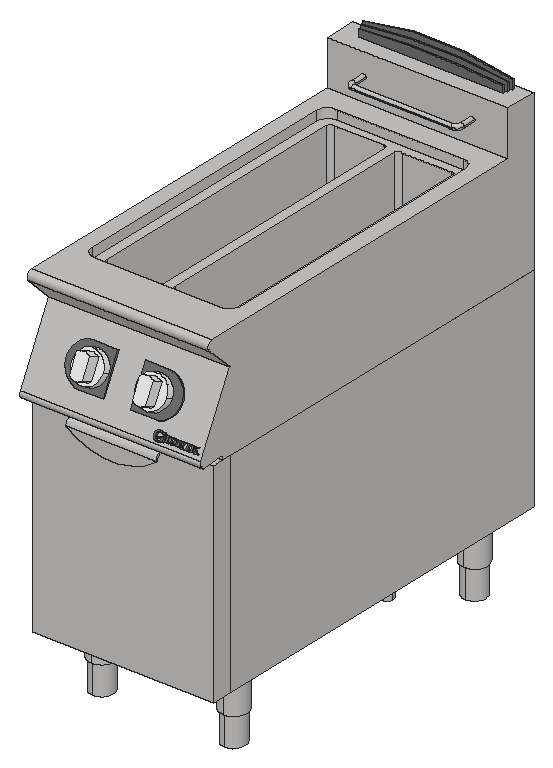
Revit family "QF_GIORIK_FG9207T", category Specialty Equipment, Revit 2014
Parameters (values of type "FG9207T")
  Weight in Pounds = 194.0066
  Watts = 200 W
  Volts = 230 V
  URL Cutsheet = "www.giorik.com"
  URL = "www.giorik.com"
  Status [instance] = ""
  Specification by User [instance] = ""
  Specification by Manufacturer = ""
  Show Logo [instance] = yes
  Show Clearance [instance] = yes
  Serial Number = ""
  Seismic Rating = ""
  SMACNA No = ""
  Revision Code [instance] = ""
  Phase = 1
  Number of Poles [instance] = 1
  NAFEM Spec ID Number = ""
  Model = "FG9207T"
  Min Ckt Ampacity = 0 A
  Mechanical Remarks [instance] = "Natural Gas"
  Mechanical Connection Type [instance] = ""
  Max Overcurrent Protection = 0 A
  Masterspec = ""
  Manufacturer = "GIORIK"
  Item Number [instance] = ""
  Installed By [instance] = ""
  Identify Quantity as Lot [instance] = no
  HP = "0.268204000000"
  Gas Size = 1"
  Gas RI Height [instance] = 0 mm
  Gas KW = 12
  Gas Input = 12000 W
  Gas Connection Height [instance] = 150 mm
  Furnished By [instance] = ""
  Foodservice Equipment Identifier [instance] = yes
  FL Amps = 0 A
  Electrical Remarks [instance] = ""
  Electric Connection Type [instance] = ""
  Elec Conn RI Height [instance] = 0 mm
  Elec Conn Connection Height [instance] = 150 mm
  Description = "8+8 LITRE GAS FRYER."
  Cycle = 50 Hz
  Conn Plug = ""
  Conn Conduit [instance] = no
  CSI MasterFormat = ""
  Assembly Code = "E1090320"
  Apparent Power = 200 VA
Reference planes
  plane 1 "Back": y = 0
  plane 2: z = 0
  plane 3 "Left": x = 0
  plane 4 "Right": x = 400
  plane 5 "Front": y = -920
  plane 6 "Top": z = 900
Forms (mm)
  Extrusion 1, solid, visible <- "Show Logo"
    sketch origin (196.604, -935.76, 608.978) x (-1, 0, 0) y (0, 0.452718, 0.891654)
      loop
        line (-118.824, 58.358) -> (-127.804, 58.358) -> (-125.523, 56.445) -> (-125.523, 48.027) -> (-127.804, 46.113) -> (-118.824, 46.113) -> (-121.105, 48.027) -> (-121.105, 56.445) -> (-118.824, 58.358)
      loop
        line (-163.721, 58.358) -> (-172.7, 58.358) -> (-170.42, 56.445) -> (-170.42, 48.027) -> (-172.7, 46.113) -> (-163.721, 46.113) -> (-166.001, 48.027) -> (-166.001, 56.445) -> (-163.721, 58.358)
      loop
        line (-174.332, 58.358) -> (-183.312, 58.358) -> (-181.031, 56.445) -> (-181.031, 52.435) -> (-186.419, 56.955) -> (-184.416, 58.358) -> (-191.268, 58.358) -> (-188.01, 56.839) -> (-185.455, 54.283) -> (-190.846, 47.858) -> (-193.396, 46.93) -> (-193.396, 46.113) -> (-184.416, 46.113) -> (-185.437, 47.571) -> (-182.443, 51.552) -> (-181.031, 50.894) -> (-181.031, 48.027) -> (-183.312, 46.113) -> (-174.332, 46.113) -> (-176.613, 48.027) -> (-176.613, 56.445) -> (-174.332, 58.358)
      loop
        line (-115.429, 62.063) -> (-115.429, 54.198)
        arc (-115.429, 54.198) -> (-111.618, 57.803) -> (-106.847, 59.986) r 16.039
        arc (-106.847, 59.986) -> (-103.314, 59.837) -> (-100.512, 57.68) r 5.851
        arc (-100.512, 57.68) -> (-98.815, 52.267) -> (-100.512, 46.853) r 9.479
        arc (-100.512, 46.853) -> (-102.406, 44.986) -> (-104.846, 43.93) r 7.236
        arc (-104.846, 43.93) -> (-107.728, 44.111) -> (-110.052, 45.825) r 5.11
        line (-110.052, 45.825) -> (-110.052, 52.001) -> (-116.141, 52.001) -> (-116.141, 45.503) -> (-117.893, 43.751) -> (-114.094, 44.769)
        arc (-114.094, 44.769) -> (-112.56, 44.947) -> (-111.129, 44.366) r 3.115
        arc (-111.129, 44.366) -> (-104.216, 42.091) -> (-97.303, 44.366) r 11.641
        arc (-97.303, 44.366) -> (-93.396, 52.107) -> (-97.303, 59.849) r 9.622
        arc (-97.303, 59.849) -> (-104.369, 62.174) -> (-111.435, 59.849) r 11.898
        line (-111.435, 59.849) -> (-115.429, 62.063)
      loop
        arc (-129.234, 56.068) -> (-135.893, 58.628) -> (-142.552, 56.068) r 9.941
        arc (-142.552, 56.068) -> (-144.234, 52.286) -> (-142.552, 48.505) r 5.093
        arc (-142.552, 48.505) -> (-135.893, 45.945) -> (-129.234, 48.505) r 9.941
        arc (-129.234, 48.505) -> (-127.552, 52.286) -> (-129.234, 56.068) r 5.093
      loop
        arc (-132.628, 54.403) -> (-135.893, 57.668) -> (-139.158, 54.403) r 3.265
        line (-139.158, 54.403) -> (-139.158, 50.169)
        arc (-139.158, 50.169) -> (-135.893, 46.904) -> (-132.628, 50.169) r 3.265
        line (-132.628, 50.169) -> (-132.628, 54.403)
      loop
        arc (-156.363, 58.365) -> (-159.647, 55.081) -> (-156.363, 51.796) r 3.285
        line (-156.363, 51.796) -> (-159.529, 47.306) -> (-162.087, 46.113) -> (-155.847, 46.113) -> (-153.529, 51.083) -> (-150.637, 51.083) -> (-150.637, 47.784) -> (-153.022, 46.113) -> (-144.011, 46.113) -> (-146.094, 47.68) -> (-146.094, 56.493) -> (-144.229, 58.365) -> (-156.363, 58.365)
      loop
        line (-150.637, 57.512) -> (-153.637, 57.512)
        arc (-153.637, 57.512) -> (-156.237, 54.912) -> (-153.637, 52.312) r 2.6
        line (-153.637, 52.312) -> (-150.637, 52.312) -> (-150.637, 57.512)
      loop
        line (-108.924, 52.001) -> (-104.936, 49.005) -> (-100.948, 52.001) -> (-108.924, 52.001)
    from 1.5 to -0.5
  Extrusion 2, solid
    sketch origin (-16, 1025.81, 0) x (1, 0, 0) y (0, 1, 0)
      loop
        line (25, -1086.81) -> (25, -1156.81) -> (115, -1156.81) -> (115, -1086.81) -> (25, -1086.81)
    from 148 to 150
  Extrusion 3, solid
    sketch origin (-14, 0, 130) x (1, 0, 0) y (0, 1, 0)
      loop
        circle (54, -385) r 12.5
    from 0 to 20
  Extrusion 4, solid
    sketch origin (0, 800, -20) x (0, 1, 0) y (0, 0, 1)
      loop
        line (-800, 989.988) -> (-870, 989.988) -> (-870, 889.988) -> (-1688.669, 889.988)
        arc (-1688.669, 889.988) -> (-1699.014, 883.075) -> (-1696.586, 870.873) r 11.197
        line (-1696.586, 870.873) -> (-1640.738, 815.025) -> (-1718.81, 661.258)
        arc (-1718.81, 661.258) -> (-1718.095, 650.105) -> (-1707.98, 645.354) r 10.981
        line (-1707.98, 645.354) -> (-1659.862, 649.925) -> (-1659.862, 640) -> (-800, 640) -> (-800, 989.988)
    from 0 to 400
  Extrusion 5, solid
    sketch origin (0, -200, 599.536) x (1, 0, 0) y (0, 1, 0)
      loop
        line (0, -640) -> (40, -640) -> (40, 160) -> (360, 160) -> (360, -640) -> (400, -640) -> (400, 200) -> (0, 200) -> (0, -640)
    from -449.536 to 20.464
  Extrusion 6, solid
    sketch origin (0, -200, 0) x (1, 0, 0) y (0, 1, 0)
      loop
        line (40, 160) -> (40, -640) -> (360, -640) -> (360, 160) -> (40, 160)
    from 150 to 190
  Extrusion 7, solid
    sketch origin (-16, 360.81, 0) x (1, 0, 0) y (0, 1, 0)
      loop
        line (25, -1086.81) -> (25, -1156.81) -> (115, -1156.81) -> (115, -1086.81) -> (25, -1086.81)
    from 148 to 150
  Revolve 8, solid
    sketch origin (54, 360.81, 0) x (0, 1, 0) y (0, 0, 1)
      loop
        line (-1092.56, 66) -> (-1092.56, 148) -> (-1121.81, 148) -> (-1121.81, 0) -> (-1096.81, 0) -> (-1096.81, 66) -> (-1092.56, 66)
      axis (-1121.81, 0) -> (-1121.81, 148)
    angle from 0 to 360
  Revolve 9, solid
    sketch origin (54, 1025.81, 0) x (0, 1, 0) y (0, 0, 1)
      loop
        line (-1092.56, 66) -> (-1092.56, 148) -> (-1121.81, 148) -> (-1121.81, 0) -> (-1096.81, 0) -> (-1096.81, 66) -> (-1092.56, 66)
      axis (-1121.81, 0) -> (-1121.81, 148)
    angle from 0 to 360
  Extrusion 10, solid
    sketch origin (416, 360.81, 0) x (-1, 0, 0) y (0, -1, 0)
      loop
        line (25, 1086.81) -> (115, 1086.81) -> (115, 1156.81) -> (25, 1156.81) -> (25, 1086.81)
    from 148 to 150
  Revolve 11, solid
    sketch origin (346, 360.81, 0) x (0, 1, 0) y (0, 0, -1)
      loop
        line (-1092.56, -66) -> (-1096.81, -66) -> (-1096.81, 0) -> (-1121.81, 0) -> (-1121.81, -148) -> (-1092.56, -148) -> (-1092.56, -66)
      axis (-1121.81, 0) -> (-1121.81, -148)
    angle from 0 to 360
  Extrusion 12, solid
    sketch origin (416, -1217.81, 0) x (-1, 0, 0) y (0, -1, 0)
      loop
        line (25, -1086.81) -> (25, -1156.81) -> (115, -1156.81) -> (115, -1086.81) -> (25, -1086.81)
    from 148 to 150
  Revolve 13, solid
    sketch origin (346, -1217.81, 0) x (0, -1, 0) y (0, 0, 1)
      loop
        line (-1092.56, 66) -> (-1092.56, 148) -> (-1121.81, 148) -> (-1121.81, 0) -> (-1096.81, 0) -> (-1096.81, 66) -> (-1092.56, 66)
      axis (-1121.81, 0) -> (-1121.81, 148)
    angle from 0 to 360
  Extrusion 14, solid
    sketch origin (-293.221, -1163.345, 52.363) x (1, 0, 0) y (0, 0.452718, 0.891654)
      loop
        line (463.221, 676.25) -> (463.221, 766.25) -> (409.698, 766.25)
        arc (409.698, 766.25) -> (364.698, 721.25) -> (409.698, 676.25) r 45
        line (409.698, 676.25) -> (463.221, 676.25)
    from 48 to 50
  Extrusion 15, solid
    sketch origin (481.331, -1208.697, 74.959) x (-1, 0, 0) y (0, -0.45351, -0.891251)
      loop
        circle (351.331, -721.346) r 35
    from 0 to 15
  Extrusion 16, solid
    sketch origin (481.331, -1208.697, 74.959) x (-1, 0, 0) y (0, -0.45351, -0.891251)
      loop
        arc (336.331, -743.846) -> (351.331, -748.846) -> (366.331, -743.846) r 25
        line (366.331, -743.846) -> (366.331, -698.846)
        arc (366.331, -698.846) -> (351.331, -693.846) -> (336.331, -698.846) r 25
        line (336.331, -698.846) -> (336.331, -743.846)
    from 15 to 40
  Extrusion 17, solid
    sketch origin (-94, 0, 59.999) x (1, 0, 0) y (0, 0, 1)
      loop
        line (135, 909.989) -> (453, 909.989) -> (453, 925.527) -> (347.056, 931.749) -> (240.944, 931.749) -> (135, 925.527) -> (135, 909.989)
    from 32 to 35
  Extrusion 18, solid
    sketch origin (-92, 10, 59.999) x (1, 0, 0) y (0, 0, 1)
      loop
        line (454, 909.989) -> (454, 928.527) -> (346.162, 939.193) -> (237.838, 939.193) -> (130, 928.527) -> (130, 909.989) -> (454, 909.989)
    from 32 to 35
  Extrusion 19, solid
    sketch origin (-90, 20, 59.999) x (1, 0, 0) y (0, 0, 1)
      loop
        line (455, 909.989) -> (455, 930.527) -> (345.396, 947.413) -> (234.604, 947.413) -> (125, 930.527) -> (125, 909.989) -> (455, 909.989)
    from 32 to 35
  Extrusion 20, void
    sketch origin (0, -200, 819.988) x (0, 1, 0) y (-1, 0, 0)
      loop
        arc (80, -60) -> (72.678, -42.322) -> (55, -35) r 25
        line (55, -35) -> (-565.002, -35)
        arc (-565.002, -35) -> (-582.68, -42.322) -> (-590.002, -60) r 25
        line (-590.002, -60) -> (-590.002, -340)
        arc (-590.002, -340) -> (-582.68, -357.678) -> (-565.002, -365) r 25
        line (-565.002, -365) -> (55, -365)
        arc (55, -365) -> (72.678, -357.678) -> (80, -340) r 25
        line (80, -340) -> (80, -60)
    from -100 to 50
  Extrusion 21, solid
    sketch origin (0, -200, 900) x (0, 1, 0) y (-1, 0, 0)
      loop
        arc (80, -60) -> (72.678, -42.322) -> (55, -35) r 25
        line (55, -35) -> (-565.002, -35)
        arc (-565.002, -35) -> (-582.68, -42.322) -> (-590.002, -60) r 25
        line (-590.002, -60) -> (-590.002, -340)
        arc (-590.002, -340) -> (-582.68, -357.678) -> (-565.002, -365) r 25
        line (-565.002, -365) -> (55, -365)
        arc (55, -365) -> (72.678, -357.678) -> (80, -340) r 25
        line (80, -340) -> (80, -60)
      loop
        arc (60, -70) -> (57.071, -62.929) -> (50, -60) r 10
        line (50, -60) -> (-555.002, -60)
        arc (-555.002, -60) -> (-562.073, -62.929) -> (-565.002, -70) r 10
        line (-565.002, -70) -> (-565.002, -180)
        arc (-565.002, -180) -> (-562.073, -187.071) -> (-555.002, -190) r 10
        line (-555.002, -190) -> (50, -190)
        arc (50, -190) -> (57.071, -187.071) -> (60, -180) r 10
        line (60, -180) -> (60, -70)
      loop
        line (60, -330) -> (60, -220)
        arc (60, -220) -> (57.071, -212.929) -> (50, -210) r 10
        line (50, -210) -> (-555.002, -210)
        arc (-555.002, -210) -> (-562.073, -212.929) -> (-565.002, -220) r 10
        line (-565.002, -220) -> (-565.002, -330)
        arc (-565.002, -330) -> (-562.073, -337.071) -> (-555.002, -340) r 10
        line (-555.002, -340) -> (50, -340)
        arc (50, -340) -> (57.071, -337.071) -> (60, -330) r 10
    from -180.012 to -50
  Extrusion 22, solid
    sketch origin (693.221, -1163.345, 52.363) x (-1, 0, 0) y (0, -0.452718, -0.891654)
      loop
        line (463.221, -676.25) -> (409.698, -676.25)
        arc (409.698, -676.25) -> (364.698, -721.25) -> (409.698, -766.25) r 45
        line (409.698, -766.25) -> (463.221, -766.25) -> (463.221, -676.25)
    from 48 to 50
  Extrusion 23, solid
    sketch origin (-81.331, -1208.697, 74.959) x (1, 0, 0) y (0, 0.45351, 0.891251)
      loop
        circle (351.331, 721.346) r 35
    from 0 to 15
  Extrusion 24, solid
    sketch origin (-81.331, -1208.697, 74.959) x (1, 0, 0) y (0, 0.45351, 0.891251)
      loop
        line (336.331, 743.846) -> (336.331, 698.846)
        arc (336.331, 698.846) -> (351.331, 693.846) -> (366.331, 698.846) r 25
        line (366.331, 698.846) -> (366.331, 743.846)
        arc (366.331, 743.846) -> (351.331, 748.846) -> (336.331, 743.846) r 25
    from 15 to 40
  Extrusion 25, solid
    sketch origin (0, -925, 0) x (1, 0, 0) y (0, 0, 1)
      loop
        line (0, 620) -> (0, 150) -> (400, 150) -> (400, 620) -> (0, 620)
    from -85 to -40
  Extrusion 26, solid
    sketch origin (0, -925, -20.1) x (0, 1, 0) y (0, 0, 1)
      loop
        arc (25, 640.1) -> (14.393, 635.707) -> (10, 625.1) r 15
        line (10, 625.1) -> (12, 625.1)
        arc (12, 625.1) -> (15.808, 634.292) -> (25, 638.1) r 13
        line (25, 638.1) -> (40, 638.1) -> (40, 640.1) -> (25, 640.1)
    from 97.5 to 297.5
  Extrusion 27, solid
    sketch origin (0, -924.905, -20.1) x (1, 0, 0) y (0, 0, 1)
      loop
        arc (97.5, 625.1) -> (197.5, 590.089) -> (297.5, 625.1) r 160.316
        line (297.5, 625.1) -> (97.5, 625.1)
    from -11.905 to -9.905
  Extrusion 28, solid, visible <- "Show Clearance", detail levels coarse
    sketch origin (395, -925, 0) x (-1, 0, 0) y (0, -1, 0)
      loop
        line (-5, -40) -> (395, -40)
        arc (395, -40) -> (277.534, 241.069) -> (-5, 354.968) r 395
        line (-5, 354.968) -> (-5, -40)
    from 150 to 620
  Extrusion 29, solid
    sketch origin (0, 0, 100) x (0, 1, 0) y (-1, 0, 0)
      loop
        circle (-380, -380) r 12.5
    from 30 to 50
  Sweep 30, solid
    path origin (0, 0, 919.988) x (0, 1, 0) y (-1, 0, 0)
      loop
        line (-70, -80) -> (-100, -80)
        arc (-100, -80) -> (-107.071, -82.929) -> (-110, -90) r 10
        line (-110, -90) -> (-110, -310)
        arc (-110, -310) -> (-107.071, -317.071) -> (-100, -320) r 10
        line (-100, -320) -> (-70, -320)
    profile origin (80, -85, 919.988) x (1, 0, 0) y (0, 0, 1)
      loop
        circle (0, 0) r 5
Cuts and joins
  Extrusion 20 cuts Extrusion 4
Lines and regions (mm)
  symbolic lines, style "200-EquipBorder-2D"
    curve 1: line (0, -920, 0) -> (400, -920, 0)
    curve 2: line (400, -920, 0) -> (400, 0, 0)
    curve 3: line (400, 0, 0) -> (0, 0, 0)
    curve 4: line (0, 0, 0) -> (0, -920, 0)
  symbolic lines, style "200-EquipInternal-2D"
    curve 5: line (35, -12, 900) -> (365, -12, 900)
    curve 6: line (365, -12, 900) -> (365, -15, 900)
    curve 7: line (365, -15, 900) -> (35, -15, 900)
    curve 8: line (35, -15, 900) -> (35, -12, 900)
    curve 9: line (38, -22, 900) -> (362, -22, 900)
    curve 10: line (362, -22, 900) -> (362, -25, 900)
    curve 11: line (362, -25, 900) -> (38, -25, 900)
    curve 12: line (38, -25, 900) -> (38, -22, 900)
    curve 13: line (41, -32, 900) -> (359, -32, 900)
    curve 14: line (359, -32, 900) -> (359, -35, 900)
    curve 15: line (359, -35, 900) -> (41, -35, 900)
    curve 16: line (41, -35, 900) -> (41, -32, 900)
    curve 17: line (340, -120, 900) -> (60, -120, 900)
    curve 18: arc (60, -120, 900) -> (42.322, -127.322, 900) -> (35, -145, 900) r 25
    curve 19: line (35, -145, 900) -> (35, -765, 900)
    curve 20: arc (365, -145, 900) -> (357.678, -127.322, 900) -> (340, -120, 900) r 25
    curve 21: arc (340, -790, 900) -> (356.212, -784.031, 900) -> (364.682, -768.975, 900) r 25
    curve 22: line (60, -790, 900) -> (340, -790, 900)
    curve 23: arc (35, -765, 900) -> (42.322, -782.678, 900) -> (60, -790, 900) r 25
    curve 24: line (365, -765.002, 900) -> (365, -145, 900)
    curve 27: line (70, -140, 900) -> (180, -140, 900)
    curve 28: line (210, -755.002, 900) -> (210, -150, 900)
    curve 29: line (190, -150, 900) -> (190, -755.002, 900)
    curve 30: line (60, -755.002, 900) -> (60, -150, 900)
    curve 31: line (220, -140, 900) -> (330, -140, 900)
    curve 32: line (340, -150, 900) -> (340, -755.002, 900)
    curve 33: line (330, -765.002, 900) -> (220, -765.002, 900)
    curve 34: line (180, -765.002, 900) -> (70, -765.002, 900)
    curve 35: arc (70, -140, 900) -> (62.929, -142.929, 900) -> (60, -150, 900) r 10
    curve 36: arc (180, -140, 900) -> (187.071, -142.929, 900) -> (190, -150, 900) r 10
    curve 37: arc (210, -150, 900) -> (212.929, -142.929, 900) -> (220, -140, 900) r 10
    curve 38: arc (330, -140, 900) -> (337.071, -142.929, 900) -> (340, -150, 900) r 10
    curve 39: arc (60, -755.002, 900) -> (62.929, -762.073, 900) -> (70, -765.002, 900) r 10
    curve 40: arc (180, -765.002, 900) -> (187.071, -762.073, 900) -> (190, -755.002, 900) r 10
    curve 41: arc (340, -755.002, 900) -> (337.071, -762.073, 900) -> (330, -765.002, 900) r 10
    curve 42: arc (220, -765.002, 900) -> (212.929, -762.073, 900) -> (210, -755.002, 900) r 10
    curve 43: line (80, -70, 900) -> (80, -99.667, 900)
    curve 44: line (90, -100, 900) -> (90, -70, 900)
    curve 45: line (94.989, -104.989, 900) -> (315.27, -104.989, 900)
    curve 46: line (320.032, -100.227, 900) -> (320.032, -70, 900)
    curve 47: line (330.032, -70, 900) -> (330.032, -100.301, 900)
    curve 48: line (315.333, -115, 900) -> (95.333, -115, 900)
    curve 49: arc (95.333, -115, 900) -> (84.491, -110.509, 900) -> (80, -99.667, 900) r 15.333
    curve 50: arc (90, -100, 900) -> (91.461, -103.528, 900) -> (94.989, -104.989, 900) r 4.989
    curve 51: arc (315.333, -115, 900) -> (325.727, -110.695, 900) -> (330.032, -100.301, 900) r 14.699
    curve 52: arc (320.032, -100.227, 900) -> (318.637, -103.594, 900) -> (315.27, -104.989, 900) r 4.762
    curve 53: line (0, -70, 900) -> (400, -70, 900)
  symbolic lines, style "QF_Door-Drawer Clearances", visible <- "Show Clearance", detail levels coarse
    curve 25: arc (400, -1279.968, 0) -> (130.204, -1178.101, 0) -> (1.554, -920, 0) r 395
    curve 26: line (400, -920, 0) -> (400, -1279.968, 0)
Dimensions and locks
  plane 3 "Left" to plane 4 "Right" = 400 mm
  plane 5 "Front" to plane 1 "Back" = 920 mm
  plane 4 "Right" to plane 3 "Left" = 400 mm
  plane 1 "Back" to plane 5 "Front" = 920 mm
  plane 6 "Top" to level = 900 mm  (x2)
  aligned and locked: level to plane 2
Connectors
  electrical at (380, -380, 130), driven by "Apparent Power", driven by "Volts", driven by "Number of Poles"
    settings: on Extrusion 29, index 1, voltage 230 V, apparent load 0 VA, apparent load phase1 200 VA, apparent load phase2 0 VA, apparent load phase3 0 VA, power factor 1, load classification "Other", number of poles 1, system type 31, power factor state 1, is connector primary yes, connector utility no, sub classification motor no, connector description "Electrical connection"
  piping at (40, -385, 130), diameter 25.4, driven by "Gas Size"
    settings: on Extrusion 3, index 2, connector inside diameter 24", connector length 0 mm, flow factor 0, pipe flow 0.0 L/s, pressure drop 0.0 Pa, fitting loss kfactor 0, connector angle 0.00°, fixture units 0, engagement length 0 mm, angle of deflection 0.00°, flow configuration 1, flow direction 1, fitting loss method 0, system type 22, joint type 0, gender type 0, connector reference index -1, connector utility 0, adjustable connector no, is connector primary yes, connector description "Gas inlet"
